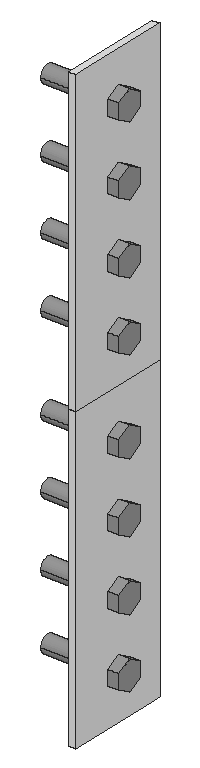
Revit family "060523 - W_P_C - Fastenings - Column Base & Top with X Bracing - Custom", category Structural Connections, Revit 2019
Family settings
  Material for Model Behavior = Other
  Work Plane-Based = No
  Enable cutting in views = Yes
  Always vertical = Yes
  Cut with Voids When Loaded = No
  Shared = No
Parameters (values of type "GLULAM CONNECTION (2)")
  Width - Top = 0' - 6 7/8"
  Upper Plates - 2 = GL Plate - Up : L5"X5"X5/16" -2
  Upper Plates - 1 = GL Plate - Up : L5"X5"X5/16" -2
  URL = ""
  Top/Bottom Plate Thickness = 0' - 0 5/16"
  Top/Bottom Plate - Width = 0' - 7 1/2"
  Top Plate Visible = no
  Rod Visibility = no
  Rod Radius = 0' - 0 1/2"
  Rod Material = 3/4" STEEL (RAW) ROD (THREADED AT ENDS) - W/ TURNBUCKLE
  Rod Length [instance] = 1' - 0"
  Plate Width (adjusted) = Plate Width - Plate Thickness  # 0' - 4 3/16"
  Plate Visibility - Upper Right 2 = no
  Plate Visibility - Upper Right 1 = yes
  Plate Visibility - Upper Left 2 = no
  Plate Visibility - Upper Left 1 = no
  Plate Visibility - Lower Right 2 = no
  Plate Visibility - Lower Right 1 = yes
  Plate Visibility - Lower Left 2 = no
  Plate Visibility - Lower Left 1 = no
  Plate Thickness = 0' - 0 5/16"
  Plate Material = 5"x5"x5/16" BENT PLATE STEEL (RAW STEEL)
  Offset - Upper Plate 2 = 0' - 0"
  Lower Plates = GL Plate - Up : L5"X5"X5/16" -2
  Height of Plate = 1' - 1"
  Width - Bottom = 0' - 6 7/8"
  Plate Width = 0' - 4 1/2"
  Bracket Width = 0' - 5 1/4"
  Bracket Visibility = no
  Bracket Thickness = 0' - 0 5/8"
  Bracket Offset in X = 0' - 3 3/4"
  Bracket Offset in Y = 0' - 0 3/4"
  Bracket Offset = 0' - 1 1/2"
  Bracket Material = 5/8" STEEL ANGLE (RAW STEEL)
  Bracket Leg = 0' - 8"
  Bracket Hole Radius - Up = 0' - 0 1/2"
  Bracket Hole Radius - Down = 0' - 0 1/2"
  Bracket Hole Offset = 0' - 2"
  Bottom Plate Visible = no
  Beam Width = 0' - 7 3/8"
  Bolt Offset = 0' - 2 1/4"
  Angle 2 = 61.00°
  Angle 1 = 151.00°
Types (10): name | Width - Top | Upper Plates - 2 | Upper Plates - 1 | Rod Visibility | Rod Radius | Rod Material | Rod Length | Plate Width (adjusted) | Plate Visibility - Upper Right 2 | Plate Visibility - Upper Left 2 | Plate Visibility - Upper Left 1 | Plate Visibility - Lower Right 1 | Plate Visibility - Lower Left 1 | Offset - Upper Plate 2 | Lower Plates | Height of Plate | Width - Bottom | Plate Width | Bracket Width | Bracket Visibility | Bracket Offset in X | Bracket Offset in Y | Bracket Offset | Bracket Material | Bracket Leg | Bracket Hole Radius - Up | Bracket Hole Radius - Down | Bracket Hole Offset | Bolt Offset | Angle 2 | Angle 1
  CUSTOM - L5"x5"x5/16"x13" - HDG | 0' - 6 7/8" | GL Plate - Up : L5"X5"X5/16" -1 | GL Plate - Up : L5"X5"X5/16" -2 | no | 0' - 0 1/2" | 3/4" STEEL (RAW) ROD (THREADED AT ENDS) - W/ TURNBUCKLE | 1' - 0" | 0' - 4 11/16" | yes | no | no | no | no | 0' - 0" | GL Plate - Up : 2nd - head -1 | 1' - 3" | 0' - 6 7/8" | 0' - 5" | 0' - 5 1/4" | no | 0' - 3 3/4" | 0' - 0 3/4" | 0' - 1 1/2" | 5"x5"x5/16" BENT PLATE STEEL (RAW STEEL) | 0' - 8" | 0' - 0 1/2" | 0' - 0 1/2" | 0' - 2" | 0' - 2 1/4" | 61.00° | 151.00°
  CUSTOM BRACKET - 1ST - HEAD | 0' - 6 7/8" | GL Plate - Up : C | GL Plate - Up : B 2 | no | 0' - 0 3/8" | 3/4" STEEL (RAW) ROD (THREADED AT ENDS) - W/ TURNBUCKLE | 1' - 0" | 0' - 4 7/16" | yes | yes | yes | yes | yes | 0' - 1" | GL Plate - Up : D | 1' - 1" | 0' - 6 7/8" | 0' - 4 3/4" | 0' - 4" | yes | 0' - 3 3/4" | 0' - 0 3/8" | 0' - 1 3/4" | 5/8" STEEL ANGLE (RAW STEEL) | 0' - 8" | 0' - 0 1/64" | 0' - 0 27/64" | 0' - 2 1/2" | 0' - 2 1/4" | 61.50° | 151.50°
  CUSTOM BRACKET -2ND - SILL | 0' - 6 7/8" | GL Plate - Up : D2.2 | GL Plate - Up : D2.2 | yes | 0' - 0 3/8" | 3/4" STEEL (RAW) ROD (THREADED AT ENDS) - W/ TURNBUCKLE | 1' - 0" | 0' - 4 7/16" | no | no | yes | yes | yes | 0' - 0" | GL Plate - Up : D2.1 | 0' - 4 1/2" | 0' - 6 7/8" | 0' - 4 3/4" | 0' - 4" | yes | 0' - 3 3/4" | 0' - 0 3/8" | 0' - 9 7/8" | 5/8" STEEL ANGLE (RAW STEEL) | 0' - 4 1/16" | 0' - 0 27/64" | 0' - 0 1/64" | 0' - 2" | 0' - 2 1/4" | 27.00° | 117.00°
  CUSTOM BRACKET - (C-ROOF) | 0' - 6 7/8" | GL Plate - Up : 2ND HEAD - UP | GL Plate - Up : 2ND HEAD - UP | no | 0' - 0 3/8" | 3/4" STEEL (RAW) ROD (THREADED AT ENDS) - W/ TURNBUCKLE | 1' - 0" | 0' - 4 7/16" | yes | yes | yes | yes | yes | 0' - 0" | GL Plate - Up : 2nd - head -1 | 0' - 10" | 0' - 6 7/8" | 0' - 4 3/4" | 0' - 4" | yes | 0' - 3 3/4" | 0' - 0" | 0' - 1 3/8" | 5/8" STEEL ANGLE (RAW STEEL) | 0' - 8" | 0' - 0 1/64" | 0' - 0 27/64" | 0' - 2" | 0' - 2 1/4" | 63.00° | 153.00°
  CUSTOM BRACKET - 1ST - SILL | 0' - 6 7/8" | GL Plate - Up : DR | GL Plate - Up : DR | yes | 0' - 0 3/8" | 3/4" STEEL (RAW) ROD (THREADED AT ENDS) - W/ TURNBUCKLE | 1' - 0" | 0' - 4 7/16" | no | no | yes | yes | yes | 0' - 0" | GL Plate - Up : DR-lower | 0' - 8" | 0' - 6 7/8" | 0' - 4 3/4" | 0' - 4" | yes | 0' - 3 3/4" | 0' - 0 3/8" | 0' - 0 5/8" | 5/8" STEEL ANGLE (RAW STEEL) | 0' - 4 3/8" | 0' - 0 27/64" | 0' - 0 1/64" | 0' - 2" | 0' - 2 1/4" | 28.50° | 118.50°
  upper | 0' - 5 1/2" | GL Plate - Up : 2ND HEAD - UP | GL Plate - Up : D2.1 | no | 0' - 0 3/8" | 3/4" STEEL (RAW) ROD (THREADED AT ENDS) - W/ TURNBUCKLE | 1' - 0" | 0' - 4 7/16" | no | no | yes | yes | yes | 0' - 0" | GL Plate - Up : 2nd - head -1 | 0' - 10" | 0' - 5 1/2" | 0' - 4 3/4" | 0' - 4" | yes | 0' - 3 1/16" | 0' - 0" | 0' - 1 3/8" | 5/8" STEEL ANGLE (RAW STEEL) | 0' - 8" | 0' - 0 1/64" | 0' - 0 27/64" | 0' - 2" | 0' - 2 1/4" | 63.00° | 153.00°
  lower | 0' - 5 1/2" | GL Plate - Up : DR | GL Plate - Up : DR | yes | 0' - 0 3/8" | X-BRACING: 3/4" DIA. THREADED STEEL ROD (RAW) W/ TURNBUCKLE (NUTS AT STEEL ANGLE) | 11' - 4" | 0' - 4 7/16" | no | no | yes | yes | yes | 0' - 0" | GL Plate - Up : DR-lower | 0' - 8" | 0' - 5 1/2" | 0' - 4 3/4" | 0' - 4" | yes | 0' - 3 1/16" | 0' - 0 3/8" | 0' - 0 5/8" | 5/8" STEEL ANGLE (RAW STEEL) | 0' - 4 3/8" | 0' - 0 27/64" | 0' - 0 1/64" | 0' - 2" | 0' - 2 1/4" | 31.00° | 118.50°
  TEST | 0' - 5 1/2" | GL Plate - Up : DR | GL Plate - Up : DR | yes | 0' - 0 3/8" | 3/4" STEEL (RAW) ROD (THREADED AT ENDS) - W/ TURNBUCKLE | 11' - 4" | 0' - 4 7/16" | no | no | yes | yes | yes | 0' - 0" | GL Plate - Up : DR-lower | 0' - 8" | 0' - 5 1/2" | 0' - 4 3/4" | 0' - 4" | yes | 0' - 3 1/16" | 0' - 0 3/8" | 0' - 0 5/8" | 5/8" STEEL ANGLE (RAW STEEL) | 0' - 4 3/8" | 0' - 0 27/64" | 0' - 0 1/64" | 0' - 2" | 0' - 2 1/4" | 29.50° | 118.50°
  GLULAM CONNECTION (2) | 0' - 6 7/8" | GL Plate - Up : L5"X5"X5/16" -2 | GL Plate - Up : L5"X5"X5/16" -2 | no | 0' - 0 1/2" | 3/4" STEEL (RAW) ROD (THREADED AT ENDS) - W/ TURNBUCKLE | 1' - 0" | 0' - 4 3/16" | no | no | no | yes | no | 0' - 0" | GL Plate - Up : L5"X5"X5/16" -2 | 1' - 1" | 0' - 6 7/8" | 0' - 4 1/2" | 0' - 5 1/4" | no | 0' - 3 3/4" | 0' - 0 3/4" | 0' - 1 1/2" | 5/8" STEEL ANGLE (RAW STEEL) | 0' - 8" | 0' - 0 1/2" | 0' - 0 1/2" | 0' - 2" | 0' - 2 1/4" | 61.00° | 151.00°
  GLULAM CONNECTION (1) | 0' - 6 7/8" | GL Plate - Up : L5"X5"X5/16" -1 | GL Plate - Up : L5"X5"X5/16" -2 | no | 0' - 0 1/2" | 3/4" STEEL (RAW) ROD (THREADED AT ENDS) - W/ TURNBUCKLE | 1' - 0" | 0' - 4 3/16" | yes | no | no | no | no | 0' - 0" | GL Plate - Up : 2nd - head -1 | 1' - 3" | 0' - 6 7/8" | 0' - 4 1/2" | 0' - 5 1/4" | no | 0' - 3 3/4" | 0' - 0 3/4" | 0' - 1 1/2" | 5"x5"x5/16" BENT PLATE STEEL (RAW STEEL) | 0' - 8" | 0' - 0 1/2" | 0' - 0 1/2" | 0' - 2" | 0' - 2" | 61.00° | 151.00°
Reference planes (in)
  plane 1 "Center (Front/Back)": y = 0
  plane 2: z = 0
  plane 3 "Center (Left/Right)": x = 0
  plane 4: x = -3.4375
  plane 5: x = 3.4375
  plane 6: z = 1.5
  plane 7: x = 3.75
  plane 8: y = 2.25
  plane 9: y = -2.25
  plane 10: z = 0.3125
  plane 11: x = -3.75
  plane 12: x = 3.75
  plane 13: z = 13.625
  plane 14: z = 13.3125
  plane 15: x = 3.4375
  plane 16: x = -3.4375
  plane 17: y = 1.5
  plane 18: y = -3.75
  plane 19: y = -1.125
  plane 20: x = 3.75
  plane 21: x = -3.75
  plane 22: x = 3.75
  plane 23: x = -3.75
  plane 24: z = 13.3125
  plane 25: z = 21.8125
Forms (in)
  Extrusion 1, solid, material "5/8" STEEL ANGLE (RAW STEEL)" <- "Bracket Material", visible <- "Bracket Visibility"
    sketch origin (0, 0, 0) x (1, 0, 0) y (0, 0, 1)
      loop
        line (3.75, 10.64683) -> (3.75, 9.93224) -> (6.77883, 8.25333) -> (3.75, 2.78917) -> (3.75, 1.5) -> (7.62848, 8.49696) -> (3.75, 10.64683)
    from -1.5 to 3.75
  Extrusion 2, solid, visible <- "Bottom Plate Visible"
    sketch origin (0, 0, -15.3125) x (1, 0, 0) y (0, 1, 0)
      loop
        line (-3.75, 2.25) -> (-3.75, -2.25) -> (3.75, -2.25) -> (3.75, 2.25) -> (-3.75, 2.25)
    from 15.625 to 15.3125
  Extrusion 3, solid, visible <- "Top Plate Visible"
    sketch origin (0, 0, -2.0625) x (1, 0, 0) y (0, 1, 0)
      loop
        line (3.4375, 2.25) -> (-3.4375, 2.25) -> (-3.4375, -2.25) -> (3.4375, -2.25) -> (3.4375, 2.25)
    from 15.6875 to 15.375
  Extrusion 4, void
    sketch origin (3.75, 0, 10.64683) x (-0.87462, 0, 0.48481) y (0, 1, 0)
      loop
        circle (-2.43447, -1.125) r 0.5
    from 0 to 0.69376
  Extrusion 5, void
    sketch origin (7.62848, 0, 8.49696) x (0.48481, 0, 0.87462) y (0, 1, 0)
      loop
        circle (-2, -1.125) r 0.5
    from 0 to 0.92067
  Extrusion 6, solid, material "3/4" STEEL (RAW) ROD (THREADED AT ENDS) - W/ TURNBUCKLE" <- "Rod Material", visible <- "Rod Visibility"
    sketch origin (3.75, 0, 10.64683) x (0.87462, 0, -0.48481) y (0, 1, 0)
      loop
        circle (2.43447, -1.125) r 0.5
    from -1.5 to 12
Cuts and joins
  Extrusion 4, Extrusion 5 cuts Extrusion 1
Lines and regions (in)
  reference lines
    curve 1: line (3.75, 0, 10.64683) -> (7.62848, 0, 8.49696)
    curve 2: line (3.75, 0, 1.5) -> (7.62848, 0, 8.49696)
    curve 3: line (6.77883, 0, 8.25333) -> (4.19101, 0, 3.58477)
    curve 4: line (0.03683, 0, 11.99048) -> (6.77883, 0, 8.25333)
    curve 5: line (11.69695, 0, 19.96201) -> (5.87924, 0, 9.46658)
Dimensions and locks (in)
  equal spacing: plane 5, plane 3 "Center (Left/Right)", plane 4
  "Width - Bottom": plane 5 to plane 4
  "Bracket Offset": plane 6 to level
  equal spacing: plane 8, plane 1 "Center (Front/Back)", plane 9
  "Plate Width": plane 8 to plane 9
  "Top/Bottom Plate Thickness": plane 10 to level
  equal spacing: plane 12, plane 3 "Center (Left/Right)", plane 11
  "Bracket Leg": curve 2 to curve 2
  "Bracket Thickness": curve 2 to curve 3
  "Bracket Thickness": curve 4 to curve 1
  "Height of Plate": plane 14 to plane 10
  "Top/Bottom Plate Thickness": plane 13 to plane 14
  "Bracket Hole Offset": Extrusion 4 sketch curve to cut or joined group of Extrusion 1, Extrusion 4, Extrusion 5
  "Bracket Hole Offset": Extrusion 5 sketch curve to cut or joined group of Extrusion 1, Extrusion 4, Extrusion 5
  "Top/Bottom Plate - Width": plane 12 to plane 11
  equal spacing: plane 15, plane 3 "Center (Left/Right)", plane 16
  "Width - Top": plane 15 to plane 16
  "Bracket Width": plane 17 to plane 18
  "Bracket Offset in Y": plane 8 to plane 17
  equal spacing: plane 17, plane 19, plane 18
  "Bracket Offset in X": plane 7 to plane 3 "Center (Left/Right)"
  "Plate Thickness": plane 16 to plane 21
  "Plate Thickness": plane 20 to plane 15
  "Plate Thickness": plane 22 to plane 5
  "Plate Thickness": plane 4 to plane 23
  "Offset - Upper Plate 2": plane 24 to plane 14
  equal spacing: cut or joined group of Extrusion 1, Extrusion 4, Extrusion 5, Extrusion 6 sketch curve, cut or joined group of Extrusion 1, Extrusion 4, Extrusion 5
  "Bracket Hole Offset": Extrusion 6 sketch curve to cut or joined group of Extrusion 1, Extrusion 4, Extrusion 5
  "Rod Length": curve 1 to Extrusion 6
  "Bracket Hole Offset": curve 5 to curve 2
  "Rod Length": curve 1 to curve 5
  "Bracket Hole Radius - Up": radius of Extrusion 4 sketch curve
  "Bracket Hole Radius - Down": radius of Extrusion 5 sketch curve
  "Rod Radius": radius of Extrusion 6 sketch curve
  "Angle 2": angle plane 7 to curve 1
  "Angle 1": angle plane 7 to curve 2
  "Angle 1": angle plane 7 to curve 3
  "Angle 2": angle plane 7 to curve 4
  locked: curve 1 to curve 5 (angle 90.00°)
  aligned and locked: level to plane 2
  aligned and locked: plane 7 to Extrusion 1 sketch curve  (x2)
  aligned and locked: level to Extrusion 2
  aligned and locked: Extrusion 2 to plane 10
  aligned and locked: Extrusion 1 sketch curve to curve 4
  aligned and locked: curve 1 to Extrusion 1 sketch curve
  aligned and locked: plane 7 to curve 2
  aligned and locked: plane 6 to curve 2
  aligned and locked: plane 13 to Extrusion 3
  aligned and locked: Extrusion 3 to plane 14
  aligned and locked: Extrusion 1 sketch curve to curve 3
  aligned and locked: Extrusion 1 sketch curve to curve 2
  aligned and locked: curve 1 to Extrusion 4
  aligned and locked: Extrusion 5 to curve 2
  aligned and locked: plane 8 to Extrusion 2
  aligned and locked: Extrusion 2 to plane 9
  aligned and locked: plane 8 to Extrusion 3 sketch curve
  aligned and locked: Extrusion 3 sketch curve to plane 9
  aligned and locked: Extrusion 2 sketch curve to cut or joined group of Extrusion 1, Extrusion 4, Extrusion 5
  aligned and locked: plane 19 to Extrusion 5 sketch curve
  aligned and locked: plane 19 to Extrusion 4 sketch curve
  aligned and locked: plane 17 to Extrusion 1
  aligned and locked: Extrusion 1 to plane 18
  aligned and locked: plane 15 to nested 1
  aligned and locked: plane 16 to nested 3
  aligned and locked: plane 4 to nested 7
  aligned and locked: nested 2 to plane 9
  aligned and locked: plane 9 to nested 4
  aligned and locked: plane 8 to nested 6
  aligned and locked: nested 8 to plane 8
  aligned and locked: nested 2 to plane 22
  aligned and locked: nested 4 to plane 23
  aligned and locked: plane 22 to nested 6
  aligned and locked: plane 22 to curve 1
  aligned and locked: plane 23 to nested 8
  aligned and locked: plane 8 to nested 5
  aligned and locked: nested 7 to plane 8
  aligned and locked: nested 3 to plane 9
  aligned and locked: plane 9 to nested 1
  aligned and locked: plane 15 to nested 5
Automatic sketch dimensions
  Extrusion 3 sketch curve to plane 16 = 0' - 0"
  Extrusion 3 sketch curve to plane 15 = 0' - 0"
  Extrusion 2 sketch curve to plane 9 = 0' - 0"
  Extrusion 2 sketch curve to plane 23 = 0' - 0"
  Extrusion 2 sketch curve to plane 8 = 0' - 0"
Nested families (in)
  nested 1: "GL Plate - Up" at (3.4375, 0, 13.3125) x (0, 1, 0) z (0, 0, 1), type <- "Upper Plates - 1", visible <- "Plate Visibility - Upper Right 1", type "L5"X5"X5/16" -2"
    with Width 0' - 4 1/2", Bolt Offset 0' - 2 1/4"
  nested 2: "GL Plate - Up" at (6, -2.25, 13.3125), type <- "Upper Plates - 2", visible <- "Plate Visibility - Upper Right 2", type "L5"X5"X5/16" -2"
    with Width 0' - 4 1/2", Bolt Offset 0' - 2 1/4"
  nested 3: "GL Plate - Up" at (-3.4375, 0, 13.3125) x (0, 1, 0) z (0, 0, 1), type <- "Upper Plates - 1", visible <- "Plate Visibility - Upper Left 1", type "L5"X5"X5/16" -2"
    with Width 0' - 4 1/2", Bolt Offset 0' - 2 1/4"
  nested 4: "GL Plate - Up" at (-6, -2.25, 13.3125) x (-1, 0, 0) z (0, 0, 1), visible <- "Plate Visibility - Upper Left 2", type <- "Upper Plates - 2", type "L5"X5"X5/16" -2"
    with Width 0' - 4 1/2", Bolt Offset 0' - 2 1/4"
  nested 5: "GL Plate - Up" at (3.4375, 0, 0.3125) x (0, 1, 0) z (0, 0, 1), visible <- "Plate Visibility - Lower Right 1", type <- "Lower Plates", type "L5"X5"X5/16" -2"
    with Width 0' - 4 1/2", Bolt Offset 0' - 2 1/4"
  nested 6: "GL Plate - Up" at (6, 2.25, 0.3125) x (-1, 0, 0) z (0, 0, 1), visible <- "Plate Visibility - Lower Right 2", type <- "Lower Plates", type "L5"X5"X5/16" -2"
    with Width 0' - 4 1/2", Bolt Offset 0' - 2 1/4"
  nested 7: "GL Plate - Up" at (-3.4375, 0, 0.3125) x (0, 1, 0) z (0, 0, 1), visible <- "Plate Visibility - Lower Left 1", type <- "Lower Plates", type "L5"X5"X5/16" -2"
    with Width 0' - 4 1/2", Bolt Offset 0' - 2 1/4"
  nested 8: "GL Plate - Up" at (-6, 2.25, 0.3125), visible <- "Plate Visibility - Lower Left 2", type <- "Lower Plates", type "L5"X5"X5/16" -2"
    with Width 0' - 4 1/2", Bolt Offset 0' - 2 1/4"
Definition of nested family "GL Plate - Up"
  Parameters (values of type "C")
    Width = 0' - 4 3/4"
    Plate Thickness = 0' - 0 5/16"
    Top Offset = 0' - 2"
    Plate Material = none
    Number of Holes = 4
    Midpoint Line Visibility = no
    Hole Radius = 0' - 0 35/64"
    Height = 1' - 1"
    Default Elevation = 4' - 0"
    Bolt Visibility = no
    Bolt Spacing = 0' - 3"
    Bolt Offset = 0' - 2 3/8"
    All Bolts Off Except One = yes
  Types (11): name | Width | Top Offset | Number of Holes | Midpoint Line Visibility | Height | Bolt Spacing | Bolt Offset | All Bolts Off Except One
    C | 0' - 4 3/4" | 0' - 2" | 4 | no | 1' - 1" | 0' - 3" | 0' - 2 3/8" | yes
    D | 0' - 4 3/4" | 0' - 2" | 3 | no | 1' - 2" | 0' - 3 1/2" | 0' - 2 3/8" | yes
    D2.1 | 0' - 4 3/4" | 0' - 2" | 2 | no | 0' - 4 1/2" | 0' - 3 1/2" | 0' - 2 3/8" | no
    D2.2 | 0' - 4 3/4" | 0' - 4 1/2" | 3 | no | 1' - 3" | 0' - 3 1/2" | 0' - 2 3/8" | yes
    DR | 0' - 4 3/4" | 0' - 2 3/4" | 2 | no | 0' - 5 1/2" | 0' - 3 1/2" | 0' - 2 3/8" | no
    DR-lower | 0' - 4 3/4" | 0' - 2" | 2 | no | 0' - 8" | 0' - 3 1/2" | 0' - 2 3/8" | yes
    2nd - head -1 | 0' - 4 3/4" | 0' - 2" | 2 | yes | 0' - 10" | 0' - 3 1/4" | 0' - 2 3/8" | yes
    2ND HEAD - UP | 0' - 4 3/4" | 0' - 2" | 4 | yes | 1' - 1" | 0' - 3" | 0' - 2 3/8" | yes
    L5"X5"X5/16" -2 | 0' - 5" | 0' - 2" | 4 | yes | 1' - 1" | 0' - 3" | 0' - 2 1/2" | yes
    L5"X5"X5/16" -1 | 0' - 4 11/16" | 0' - 2" | 4 | yes | 1' - 1" | 0' - 3" | 0' - 2 1/2" | yes
    B 2 | 0' - 4 3/4" | 0' - 1 1/2" | 3 | yes | 0' - 10 1/2" | 0' - 3" | 0' - 2 11/32" | yes
  Reference planes (in)
    plane 1 "Center (Front/Back)": y = 0
    plane 2: z = 0
    plane 3 "Center (Left/Right)": x = 0
    plane 4: z = 13
    plane 5: x = 2.375
    plane 6: y = -0.3125
    plane 7: z = 11
    plane 8: x = 0
    plane 9: x = -2.375
    plane 10: z = 8
    plane 11: x = 0
    plane 12 "Mid Plate": z = 6.5
    plane 13: x = 0
    plane 14: z = 5
    plane 15: x = 0
    plane 16: z = 2
    plane 17: x = 0
  Forms (in)
    Extrusion 1, solid, material <- "Plate Material"
      sketch origin (0, 0, 0) x (1, 0, 0) y (0, 0, 1)
        loop
          line (-2.375, 13) -> (-2.375, 0) -> (2.375, 0) -> (2.375, 13) -> (-2.375, 13)
      from 0 to 0.3125
    Extrusion 2, void
      sketch origin (-2.5, 0, -1.51191) x (1, 0, 0) y (0, 0, 1)
        loop
          circle (2.5, 12.51191) r 0.54688
      from 0 to 12
    Extrusion 3, void
      sketch origin (-2.5, 0, -4.51191) x (1, 0, 0) y (0, 0, 1)
        loop
          circle (2.5, 12.51191) r 0.54688
      from 0 to 12
    Extrusion 4, void
      sketch origin (-2.5, 0, -7.51191) x (1, 0, 0) y (0, 0, 1)
        loop
          circle (2.5, 12.51191) r 0.54688
      from 0 to 12
    Extrusion 5, void
      sketch origin (-2.5, 0, -10.51191) x (1, 0, 0) y (0, 0, 1)
        loop
          circle (2.5, 12.51191) r 0.54688
      from 0 to 12
  Cuts and joins
    Extrusion 2, Extrusion 3, Extrusion 4, Extrusion 5 cuts Extrusion 1
  Dimensions and locks (in)
    "Height": plane 4 to plane 2
    "Plate Thickness": plane 1 "Center (Front/Back)" to plane 6
    equal spacing: plane 5, plane 3 "Center (Left/Right)", plane 9
    "Width": plane 5 to plane 9
    "Top Offset": plane 4 to plane 7
    equal spacing: group 1, group 2, group 3, group 4  (x2)
    equal spacing: group 4, group 3, group 2, group 1
    "Bolt Spacing": plane 7 to plane 10
    equal spacing: plane 4, plane 12 "Mid Plate", level
    plane 4 to nested 3 = 0' - 2"
    "Bolt Offset": plane 5 to plane 13
    "Hole Radius": radius of Extrusion 2 sketch curve
    "Hole Radius": radius of Extrusion 3 sketch curve
    "Hole Radius": radius of Extrusion 4 sketch curve
    "Hole Radius": radius of Extrusion 5 sketch curve
    aligned and locked: plane 2 to level
    aligned and locked: Extrusion 1 sketch curve to plane 4
    aligned and locked: Extrusion 1 sketch curve to plane 5
    aligned and locked: plane 6 to Extrusion 1
    aligned and locked: plane 7 to Extrusion 2 sketch curve
    aligned and locked: plane 8 to Extrusion 2 sketch curve
    aligned and locked: plane 9 to Extrusion 1 sketch curve
    aligned and locked: plane 10 to Extrusion 3 sketch curve
    aligned and locked: plane 11 to Extrusion 3 sketch curve
    aligned and locked: level to Extrusion 1 sketch curve
    aligned and locked: nested 1 to plane 7
    aligned and locked: nested 1 to plane 8
    aligned and locked: nested 2 to plane 10
    aligned and locked: nested 2 to plane 11
    aligned and locked: nested 3 to plane 7
    aligned and locked: plane 13 to plane 8
    aligned and locked: plane 13 to plane 11
    aligned and locked: plane 13 to nested 3
    aligned and locked: plane 14 to Extrusion 4 sketch curve
    aligned and locked: plane 15 to Extrusion 4 sketch curve
    aligned and locked: nested 4 to plane 14
    aligned and locked: nested 4 to plane 15
    aligned and locked: plane 16 to Extrusion 5 sketch curve
    aligned and locked: plane 17 to Extrusion 5 sketch curve
    aligned and locked: nested 5 to plane 16
    aligned and locked: nested 5 to plane 17
  Nested families (in)
    nested 1: "Lag Bolt" at (0, -0.3125, 11) x (1, 0, 0) z (0, -1, 0), visible <- "All Bolts Off Except One", type "3/4" x 4""
    nested 2: "Lag Bolt" at (0, -0.3125, 8) x (1, 0, 0) z (0, -1, 0), visible <- "All Bolts Off Except One", type "3/4" x 4""
    nested 3: "Lag Bolt" at (0, -0.3125, 11) x (1, 0, 0) z (0, -1, 0), type "3/4" x 4""
    nested 4: "Lag Bolt" at (0, -0.3125, 5) x (1, 0, 0) z (0, -1, 0), visible <- "All Bolts Off Except One", type "3/4" x 4""
    nested 5: "Lag Bolt" at (0, -0.3125, 2) x (1, 0, 0) z (0, -1, 0), visible <- "All Bolts Off Except One", type "3/4" x 4""
  Definition of nested family "Lag Bolt"
    Parameters (values of type "ONE")
      Side = Head Size * 0.57812  # 0' - 0 111/128"
      Radius = Diameter / 2  # 0' - 0 1/2"
      Length = 0' - 3"
      Head Size = 0' - 1 1/2"
      Head Radius = Head Size / 2  # 0' - 0 3/4"
      Head Height = 0' - 0 151/256"
      Diameter = 0' - 1"
      Default Elevation = 4' - 0"
      Bolt Material (Size) = none
    Types (3): name | Side | Radius | Length | Head Size | Head Radius | Head Height | Diameter
      3/4" x 4" | 0' - 0.65039" | 0' - 0 3/8" | 0' - 3" | 0' - 1 1/8" | 0' - 0 9/16" | 0' - 0 1/2" | 0' - 0 3/4"
      1/2" x 4" | 0' - 0 111/256" | 0' - 0 1/4" | 0' - 4" | 0' - 0 3/4" | 0' - 0 3/8" | 0' - 0 1/2" | 0' - 0 1/2"
      ONE | 0' - 0 111/128" | 0' - 0 1/2" | 0' - 3" | 0' - 1 1/2" | 0' - 0 3/4" | 0' - 0 151/256" | 0' - 1"
    Reference planes (in)
      plane 1 "Center (Front/Back)": y = 0
      plane 2: z = 0
      plane 3 "Center (Left/Right)": x = 0
      plane 4: z = 0.58984
      plane 5: z = -3
      plane 6: y = 0
      plane 7: x = 0
    Forms (in)
      Extrusion 1, solid, material <- "Bolt Material (Size)"
        sketch origin (0, 0, 0) x (1, 0, 0) y (0, 1, 0)
          loop
            line (0, 0.86603) -> (-0.75, 0.43301) -> (-0.75, -0.43301) -> (0, -0.86603) -> (0.75, -0.43301) -> (0.75, 0.43301) -> (0, 0.86603)
        from 0 to 0.58984
      Extrusion 2, solid, material <- "Bolt Material (Size)"
        sketch origin (0, 0, 0) x (1, 0, 0) y (0, 1, 0)
          loop
            circle (0, 0) r 0.5
        from -3 to 0
    Lines and regions (in)
      model lines
        curve 1: line (0, -0.86603, 0.58984) -> (0, 0.86603, 0.58984)
        curve 2: line (1.5, 0, 0.58984) -> (-0.75, 0, 0.58984)
      symbolic lines
        curve 3: line (0, 0, 0.58984) -> (0, 0, -3)
        curve 4: line (0, 0, 0.58984) -> (0, 0, -3)
    Dimensions and locks (in)
      "Head Height": plane 4 to level
      "Length": level to plane 5
      "Head Radius": Extrusion 1 sketch curve to plane 3 "Center (Left/Right)"
      "Head Radius": Extrusion 1 sketch curve to plane 7
      "Head Radius": Extrusion 1 sketch curve to plane 6  (x2)
      "Radius": radius of Extrusion 2 sketch curve
      locked: Extrusion 1 sketch curve to Extrusion 1 sketch curve (angle 120.00°)  (x5)
      aligned and locked: level to plane 2
      aligned and locked: Extrusion 1 to plane 4
      aligned and locked: Extrusion 2 to plane 5
      aligned and locked: plane 7 to curve 1
      aligned and locked: plane 6 to curve 2
      aligned and locked: plane 6 to curve 4
    Automatic sketch dimensions
      curve 2 to Extrusion 1 = 0' - 0"
      curve 1 to Extrusion 1 = 0' - 0"
      Extrusion 1 to curve 1 = 0' - 0"
      Extrusion 1 to curve 2 = 0' - 0"
      curve 3 to plane 3 "Center (Left/Right)" = 0' - 0"
      curve 3 to plane 5 = 0' - 0"
      curve 3 to plane 4 = 0' - 0"
      curve 4 to plane 5 = 0' - 0"
      curve 4 to plane 4 = 0' - 0"
      Extrusion 1 sketch curve to plane 3 "Center (Left/Right)" = 0' - 0"  (x2)
      plane 1 "Center (Front/Back)" to Extrusion 2 sketch curve = 0' - 0"
      Extrusion 2 sketch curve to plane 3 "Center (Left/Right)" = 0' - 0"
